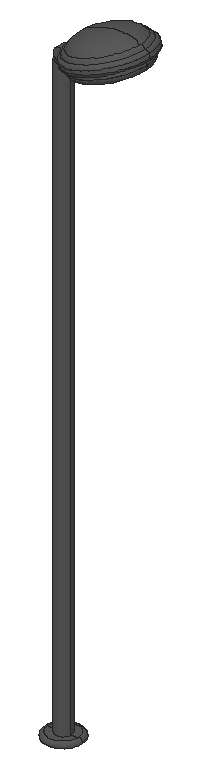
Revit family "svetilnik_alfresco_alkor_dku-01_os", category Lighting Fixtures, Revit 2016 (continued)
Definition of nested family "Алькор"
  Types (3, lengths in mm): name | Photometric Web File | built-in parameter 1150105 | Lumens | built-in parameter 1150106 | built-in parameter 1150142 | Wattage
    ДКУ Алькор 40Вт | "DTU-01-AF_DKU-01-AF-ALJKOR40W.ies" | 2929.3 (stored number, unit not read) | 3800 lm | 29.293 (stored number, unit not read) | "IESNA:LM-63-1995\r\n[TEST] alf\r\n[MANUFAC] Alfresco\r\n[LUMCAT]  \r\n[LUMINAIRE] ДКУ-01-AF \"Алькор\" 40w\r\n[LAMPCAT]Cree\r\n[LAMP]LED\r\n[MORE]\r\n[OTHER]\r\nTILT=NONE\r\n1 4000 1 91 37 1 2 0.525 0.525 0.000\r\n1.000 1 40.0\r\n0.0    1.0    2.0    3.0    4.0    5.0    6.0    7.0    8.0    9.0    \r\n 10.0   11.0   12.0   13.0   14.0   15.0   16.0   17.0   18.0   19.0   \r\n 20.0   21.0   22.0   23.0   24.0   25.0   26.0   27.0   28.0   29.0   \r\n 30.0   31.0   32.0   33.0   34.0   35.0   36.0   37.0   38.0   39.0   \r\n 40.0   41.0   42.0   43.0   44.0   45.0   46.0   47.0   48.0   49.0   \r\n 50.0   51.0   52.0   53.0   54.0   55.0   56.0   57.0   58.0   59.0   \r\n 60.0   61.0   62.0   63.0   64.0   65.0   66.0   67.0   68.0   69.0   \r\n 70.0   71.0   72.0   73.0   74.0   75.0   76.0   77.0   78.0   79.0   \r\n 80.0   81.0   82.0   83.0   84.0   85.0   86.0   87.0   88.0   89.0   \r\n 90.0   \r\n0.0    10.0   20.0   30.0   40.0   50.0   60.0   70.0   80.0   90.0   \r\n 100.0  110.0  120.0  130.0  140.0  150.0  160.0  170.0  180.0  190.0  \r\n 200.0  210.0  220.0  230.0  240.0  250.0  260.0  270.0  280.0  290.0  \r\n 300.0  310.0  320.0  330.0  340.0  350.0  360.0  \r\n936.51   961.91   973.95   908.90   913.29   916.38   923.76   932.24   945.18   962.01   \r\n 986.11   1015.08  1053.75  1070.32  1100.77  1129.81  1158.11  1190.73  1224.36  1259.12  \r\n 1299.35  1341.77  1385.01  1426.64  1462.54  1488.65  1505.69  1515.94  1522.55  1526.09  \r\n 1526.57  1523.49  1519.47  1512.40  1501.57  1484.80  1461.49  1426.51  1373.30  1294.71  \r\n 1183.44  1059.08  934.30   825.23   738.03   666.07   599.89   535.55   472.92   424.61   \r\n 381.65   337.83   297.61   259.21   220.59   182.77   145.07   120.85   96.48    76.46    \r\n 65.07    57.93    51.88    46.09    42.04    39.04    35.48    33.01    31.49    29.63    \r\n 27.61    24.92    21.68    19.76    19.54    18.73    16.54    13.27    10.42    7.91     \r\n 6.23     4.79     3.89     2.53     1.77     1.44     1.18     0.79     0.55     0.48     \r\n 0.48     \r\n936.51   952.12   1002.95  914.75   914.49   917.18   926.27   938.46   952.00   966.20   \r\n 990.76   1036.84  1068.09  1103.22  1111.02  1134.36  1155.18  1182.24  1214.65  1252.64  \r\n 1296.79  1345.59  1386.23  1424.94  1463.00  1491.49  1513.21  1526.42  1537.22  1545.44  \r\n 1550.47  1550.42  1548.46  1543.86  1534.60  1519.87  1497.38  1463.88  1410.84  1333.55  \r\n 1224.61  1095.01  959.93   842.03   744.21   666.65   596.09   528.51   467.85   417.99   \r\n 368.29   325.64   284.42   248.45   208.38   168.68   136.19   113.88   94.17    79.41    \r\n 64.74    56.55    49.69    45.23    42.78    39.85    35.04    32.38    30.03    26.99    \r\n 23.86    21.19    19.18    17.07    16.09    15.12    13.76    11.67    9.14     7.46     \r\n 6.00     4.50     3.63     2.43     1.71     1.41     1.14     0.86     0.58     0.49     \r\n 0.49     \r\n936.51   956.04   1019.10  918.34   919.53   924.34   934.53   956.45   977.70   994.84   \r\n 1019.26  1084.70  1109.81  1086.60  1098.85  1119.15  1143.03  1173.53  1228.18  1255.26  \r\n 1289.59  1328.08  1375.70  1424.02  1490.41  1513.62  1546.70  1574.13  1598.23  1622.43  \r\n 1633.66  1641.44  1644.89  1644.57  1641.34  1631.82  1613.97  1589.20  1552.01  1497.96  \r\n 1417.48  1307.66  1163.36  1007.02  866.58   751.83   664.63   589.39   521.61   457.24   \r\n 397.05   345.15   301.45   260.13   221.39   182.52   143.82   118.25   99.82    84.51    \r\n 72.03    62.67    55.97    50.94    45.41    41.32    37.74    34.77    31.40    27.51    \r\n 24.85    22.45    21.81    18.40    15.97    15.75    15.40    12.71    9.17     7.27     \r\n 5.92     4.55     4.28     3.02     1.81     1.48     1.20     0.90     0.61     0.54     \r\n 0.54     \r\n936.51   949.86   960.33   919.78   914.06   916.58   937.48   961.62   972.79   993.59   \r\n 1032.61  1041.21  1039.18  1042.95  1065.13  1090.29  1143.70  1159.73  1185.91  1212.45  \r\n 1245.35  1297.05  1356.50  1411.58  1436.42  1481.15  1530.82  1582.07  1643.47  1659.10  \r\n 1668.58  1681.38  1690.87  1695.46  1694.04  1687.62  1675.38  1660.46  1640.84  1612.61  \r\n 1573.00  1521.06  1451.29  1358.59  1235.12  1090.50  951.86   814.75   696.45   601.83   \r\n 525.78   459.90   401.27   346.51   294.17   242.40   192.06   153.28   129.79   115.83   \r\n 105.82   93.89    80.87    67.85    57.57    47.39    43.29    40.11    36.09    31.76    \r\n 28.51    25.11    22.92    21.94    19.83    17.21    14.79    12.95    11.01    8.97     \r\n 6.93     5.28     3.81     2.64     2.02     1.69     1.39     1.05     0.79     0.76     \r\n 0.80     \r\n936.51   957.78   938.81   920.77   909.36   912.06   931.65   947.24   954.80   977.02   \r\n 989.54   992.88   988.78   1010.18  1042.77  1083.25  1101.15  1122.57  1149.56  1182.48  \r\n 1232.88  1262.68  1301.65  1343.49  1389.92  1451.82  1519.54  1567.33  1603.90  1636.91  \r\n 1671.90  1697.17  1715.11  1727.91  1737.19  1743.05  1751.62  1754.49  1746.57  1737.34  \r\n 1725.15  1709.32  1685.79  1653.95  1615.81  1568.10  1503.44  1419.44  1306.23  1171.91  \r\n 1037.84  928.86   849.17   735.15   637.73   539.74   447.50   355.53   283.92   241.41   \r\n 219.24   200.87   186.36   149.07   111.86   82.43    61.74    50.22    42.48    37.00    \r\n 32.68    29.50    26.84    24.33    21.85    19.57    17.49    15.48    12.77    10.10    \r\n 7.75     6.05     4.39     3.21     2.60     2.26     1.93     1.55     1.26     1.27     \r\n 1.33     \r\n936.51   954.49   927.54   906.34   893.28   894.41   909.96   915.22   929.38   933.46   \r\n 945.00   945.36   969.10   993.36   1021.03  1044.48  1063.51  1087.77  1118.89  1149.95  \r\n 1181.98  1213.50  1248.77  1294.78  1331.06  1366.65  1410.41  1454.71  1505.53  1554.49  \r\n 1600.17  1640.18  1679.01  1719.78  1761.67  1795.16  1828.70  1862.24  1876.79  1890.17  \r\n 1884.14  1862.28  1853.30  1859.78  1862.83  1866.13  1872.07  1868.59  1854.60  1835.92  \r\n 1807.05  1764.94  1703.72  1604.88  1460.51  1286.41  1102.13  927.84   730.81   533.72   \r\n 362.52   265.07   222.35   199.10   176.69   153.82   130.03   105.77   82.23    58.69    \r\n 46.33    37.99    31.70    27.80    24.70    22.13    21.22    21.16    19.61    14.59    \r\n 9.75     6.66     4.91     3.83     3.32     2.96     2.61     2.15     1.92     1.99     \r\n 2.08     \r\n936.51   962.33   930.03   902.10   885.61   881.01   890.82   898.32   908.14   903.70   \r\n 920.45   938.78   956.18   973.18   988.17   1004.10  1028.96  1058.30  1075.47  1097.08  \r\n 1127.35  1162.07  1199.15  1228.93  1262.02  1297.04  1325.92  1349.65  1373.04  1393.88  \r\n 1420.52  1454.28  1492.50  1535.20  1575.88  1625.95  1675.90  1724.49  1776.39  1828.85  \r\n 1878.86  1935.94  2006.05  2079.99  2149.83  2203.70  2155.64  2161.82  2156.69  2172.83  \r\n 2187.54  2196.37  2208.19  2211.69  2201.38  2176.86  2106.02  2006.37  1837.93  1667.71  \r\n 1375.66  1007.01  671.43   444.47   318.93   268.49   233.73   199.92   166.07   132.23   \r\n 103.80   77.22    55.00    40.74    31.54    24.63    19.29    16.49    13.74    11.28    \r\n 9.29     7.43     6.05     4.87     4.26     3.83     3.43     2.85     2.61     2.71     \r\n 2.85     \r\n936.51   961.89   924.95   892.89   869.86   861.14   869.55   880.55   887.78   892.03   \r\n 902.12   917.50   935.08   943.25   955.69   967.34   991.85   1012.76  1019.80  1043.42  \r\n 1068.60  1102.46  1131.49  1148.26  1165.73  1175.23  1185.20  1194.55  1206.99  1224.01  \r\n 1247.68  1273.25  1299.42  1330.26  1362.00  1392.90  1426.11  1466.89  1503.18  1535.94  \r\n 1576.69  1618.50  1664.93  1715.05  1775.64  1841.80  1908.01  1977.98  2045.89  2114.19  \r\n 2179.94  2240.54  2294.80  2346.05  2394.50  2440.34  2475.29  2486.05  2457.41  2380.95  \r\n 2264.57  2066.49  1790.88  1419.18  975.76   656.20   337.77   244.37   202.31   168.64   \r\n 139.10   111.65   90.74    68.76    46.76    34.09    26.46    19.46    15.66    13.03    \r\n 10.59    8.79     7.48     6.26     5.47     4.68     4.13     3.47     3.29     3.42     \r\n 3.61     \r\n936.51   966.72   933.93   895.21   865.04   848.36   856.59   876.03   879.34   882.63   \r\n 883.19   896.98   908.11   916.20   924.32   935.17   954.78   976.02   988.70   1015.94  \r\n 1038.83  1057.63  1065.76  1072.95  1074.42  1071.98  1068.41  1069.18  1079.29  1095.30  \r\n 1108.74  1125.93  1144.56  1161.85  1184.46  1211.49  1249.51  1269.73  1287.53  1309.09  \r\n 1346.18  1385.25  1425.65  1471.31  1514.40  1557.04  1594.51  1633.27  1672.86  1720.12  \r\n 1766.77  1817.01  1875.02  1933.09  2011.62  2113.45  2216.68  2312.18  2383.67  2411.79  \r\n 2377.52  2280.37  2098.49  1793.67  1488.70  1100.85  688.71   377.18   254.47   204.67   \r\n 173.43   142.19   119.00   96.12    76.47    55.68    40.04    29.62    21.73    17.18    \r\n 13.56    11.00    9.01     7.19     6.07     5.46     4.85     4.11     3.94     4.10     \r\n 4.33     \r\n936.51   959.28   929.28   892.60   859.33   837.03   840.66   864.12   864.12   866.17   \r\n 862.99   871.04   880.53   885.56   890.41   899.26   917.87   943.19   958.92   979.04   \r\n 991.95   1000.14  999.85   999.85   991.81   978.39   969.48   968.60   972.21   978.59   \r\n 989.53   999.02   1011.02  1025.28  1036.96  1051.51  1070.71  1093.64  1112.01  1131.36  \r\n 1156.56  1185.15  1219.00  1250.94  1285.09  1314.16  1338.60  1370.59  1402.06  1432.71  \r\n 1462.29  1500.06  1528.56  1560.02  1616.90  1675.49  1743.79  1813.57  1870.96  1915.80  \r\n 1927.83  1906.12  1830.66  1754.84  1629.72  1448.69  1221.39  970.73   711.33   469.12   \r\n 295.26   221.37   177.30   133.47   105.53   84.00    63.81    46.31    33.18    24.59    \r\n 17.59    12.93    9.68     7.69     6.47     5.75     5.03     4.22     4.02     4.20     \r\n 4.45     \r\n936.51   952.62   925.35   886.18   847.53   818.22   821.50   841.62   846.74   843.24   \r\n 836.68   839.32   848.20   853.82   855.60   862.61   881.39   907.32   930.23   938.25   \r\n 942.17   946.84   942.51   927.02   907.52   892.24   881.29   876.98   878.45   880.52   \r\n 881.70   884.07   890.58   898.31   906.79   917.19   931.39   950.52   965.98   974.10   \r\n 986.77   1005.77  1032.47  1059.89  1086.50  1102.63  1123.27  1143.31  1171.87  1197.91  \r\n 1227.54  1253.34  1284.70  1315.58  1344.77  1387.67  1433.81  1484.17  1537.33  1582.54  \r\n 1619.22  1638.22  1639.83  1626.62  1594.61  1536.64  1438.53  1287.29  1133.65  946.61   \r\n 702.51   457.96   250.49   137.97   103.71   86.12    68.68    55.10    43.72    31.47    \r\n 21.03    14.88    10.55    7.70     6.31     5.46     4.74     3.97     3.81     3.99     \r\n 4.24     \r\n936.51   949.17   928.15   891.99   846.58   809.74   801.70   818.66   829.45   826.93   \r\n 819.31   812.06   815.13   820.02   821.36   825.95   836.68   859.69   890.31   916.77   \r\n 924.72   911.15   883.09   859.48   840.59   817.61   800.95   787.31   775.79   770.97   \r\n 769.91   771.31   775.96   785.60   790.65   792.13   798.55   813.63   828.51   847.90   \r\n 876.19   891.37   901.24   917.93   932.11   894.68   894.19   898.04   916.84   933.10   \r\n 946.55   953.61   963.35   976.18   985.03   1006.12  1038.96  1070.32  1111.87  1153.18  \r\n 1192.66  1225.85  1251.15  1276.88  1287.22  1280.93  1269.71  1222.57  1059.22  821.79   \r\n 586.73   381.31   247.39   114.23   91.25    73.68    59.80    46.13    35.44    26.26    \r\n 18.57    12.60    8.88     6.50     5.24     4.53     3.94     3.32     3.12     3.30     \r\n 3.56     \r\n936.51   944.60   925.60   886.86   838.99   799.54   795.26   791.33   803.61   814.69   \r\n 805.97   792.34   787.16   785.45   785.89   781.08   778.17   783.90   801.94   830.76   \r\n 858.43   860.81   840.86   814.75   786.42   763.70   742.72   717.90   694.23   676.71   \r\n 664.95   657.16   652.50   652.87   652.05   648.99   645.11   639.43   632.35   629.61   \r\n 628.27   627.20   631.16   639.02   646.08   657.73   669.39   679.20   676.35   680.31   \r\n 678.55   680.98   686.71   695.49   703.11   711.55   721.60   731.58   745.43   763.22   \r\n 781.00   792.47   797.25   799.11   801.92   767.34   678.11   565.70   416.57   242.83   \r\n 117.42   91.62    67.41    59.15    53.07    44.19    36.03    28.76    21.92    15.75    \r\n 11.37    7.95     5.46     4.17     3.58     3.16     2.76     2.34     2.21     2.39     \r\n 2.63     \r\n936.51   938.88   927.97   889.85   838.38   799.34   770.02   762.09   758.64   768.45   \r\n 773.98   762.76   744.20   735.62   730.86   724.42   716.35   710.52   712.65   708.98   \r\n 717.72   735.05   754.81   759.73   749.22   731.16   707.66   683.90   658.95   634.98   \r\n 610.28   591.93   577.57   563.90   549.94   540.99   535.96   532.09   535.59   542.68   \r\n 548.22   547.98   540.89   525.00   528.00   536.09   547.18   562.52   573.57   566.40   \r\n 527.70   494.80   494.10   494.30   494.90   494.65   495.11   493.02   486.68   476.65   \r\n 450.06   429.32   388.50   338.18   276.85   210.77   144.87   96.63    69.44    59.14    \r\n 52.46    45.47    38.47    32.59    27.33    22.81    18.92    15.56    12.70    10.27    \r\n 8.25     6.07     4.44     3.19     2.49     2.14     1.81     1.49     1.35     1.47     \r\n 1.66     \r\n936.51   934.01   921.81   887.19   843.54   803.18   767.72   749.37   739.26   730.59   \r\n 727.47   726.91   720.26   708.42   694.31   679.03   666.46   658.07   650.56   640.41   \r\n 626.67   618.24   608.17   605.09   611.26   609.98   596.95   589.35   582.28   570.67   \r\n 556.49   536.03   513.82   488.65   471.57   459.66   451.10   444.00   436.83   428.61   \r\n 420.40   413.09   407.81   405.03   412.26   418.85   423.13   421.06   415.49   408.36   \r\n 399.65   387.51   380.52   375.46   363.07   348.72   337.17   317.67   293.02   261.05   \r\n 223.67   183.65   144.58   109.74   87.40    65.07    56.81    53.42    46.50    39.83    \r\n 32.88    27.26    23.20    19.94    17.45    15.37    13.25    11.42    9.94     8.50     \r\n 6.86     5.29     3.63     2.54     1.89     1.56     1.26     0.95     0.76     0.79     \r\n 0.88     \r\n936.51   929.33   916.24   888.82   860.14   829.79   789.87   756.33   736.29   720.28   \r\n 703.28   694.56   685.60   676.63   667.40   654.95   640.44   622.08   603.08   589.51   \r\n 574.84   564.17   560.60   546.20   531.69   517.94   517.91   509.19   488.33   476.08   \r\n 464.45   455.90   447.70   442.40   438.73   430.50   423.06   413.40   403.02   392.23   \r\n 384.35   379.24   375.58   376.24   374.11   371.76   366.76   357.73   346.68   337.27   \r\n 322.81   306.89   290.81   276.94   264.13   249.13   227.02   200.35   171.79   143.28   \r\n 117.58   96.43    73.10    52.56    44.92    40.76    36.73    32.80    29.08    25.65    \r\n 22.88    20.31    18.09    16.03    14.11    12.37    10.89    9.57     8.33     6.87     \r\n 5.44     4.26     3.08     2.18     1.59     1.30     1.03     0.76     0.53     0.48     \r\n 0.50     \r\n936.51   928.93   916.50   899.63   877.40   849.85   814.72   784.00   757.10   753.18   \r\n 717.88   692.98   669.90   652.56   639.72   629.83   624.00   622.38   607.96   581.42   \r\n 556.28   538.08   526.72   511.83   497.72   483.68   477.51   470.42   466.59   467.88   \r\n 452.63   435.74   426.26   417.42   410.80   403.61   397.24   393.54   385.10   372.41   \r\n 361.34   351.88   341.50   333.49   327.45   320.09   311.15   301.12   290.23   278.95   \r\n 266.59   252.84   239.10   223.75   205.24   183.61   159.62   133.86   106.71   85.78    \r\n 64.96    51.40    44.71    41.25    38.21    35.00    31.96    29.19    26.84    24.52    \r\n 22.54    20.55    18.51    16.50    14.95    13.07    11.63    10.41    8.95     7.05     \r\n 5.48     4.10     2.91     2.07     1.46     1.17     0.93     0.70     0.49     0.41     \r\n 0.40     \r\n936.51   926.61   922.59   911.04   905.19   880.90   841.47   822.24   805.53   845.39   \r\n 773.66   748.23   716.19   678.71   652.74   624.
